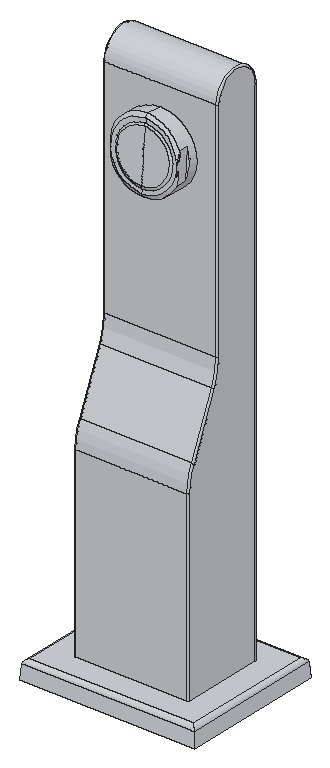
Revit family "Faucet-Wall_Mount-Bath_Spout-KOHLER-Singulier-K-8161IN_1", category Plumbing Fixtures, host Face, Revit 2017
Family settings
  Host = Face
  Round Connector Dimension = Use Diameter
  Part Type = Normal
  OmniClass Number = 23.31.11.00
  Cut with Voids When Loaded = No
  Shared = No
  Room Calculation Point = No
Parameters (values of type "CP-Polished Chrome")
  Width = 2.28346"  # constant formula
  WaterSense Certified = 1 = 0  # no
  Waste Water Outlet = "Waste Water Outlet"  # constant formula
  Waste Connection = 1 = 0  # no
  Vent Connection = 1 = 0  # no
  URL = "https://www.kohler.co.in/"
  Type = 1
  Tempered Water Inlet = "Tempered Water Inlet"  # constant formula
  Spout Reach = 6.25984"  # constant formula
  Product Page URL = "https://www.kohler.co.in/product-detail/8161in?skuid=K-8161IN-CP"
  Product Name = "Singulier"  # constant formula
  Product Documentation Link = "http://resources.kohler.com/plumbing/kohlerindia/pdf/8161in_cp.pdf"
  Pressure = 7.25 psi  # constant formula
  Model = "K-8161IN-CP"  # constant formula
  Material = "Premium Metal Construction"  # constant formula
  Master Format 2014 Name = "Residential Faucets, Supplies, and Trim"  # constant formula
  Master Format 2014 = "22 41 39"  # constant formula
  Manufacturer Address = "Ambience Office Tower NH-8 Gurgaon / Gurugram Haryana , 122001\r\n"  # constant formula
  Manufacturer = "KOHLER Co."  # constant formula
  Length = Spout Reach  # 6.25984"
  Hot Water Inlet = "Hot Water Inlet"  # constant formula
  Height = 1.88976"  # constant formula
  HW Connection = 1 = 1  # yes
  Flow Rate = 0 GPM
  Finish = Kohler-Metal-CP-Polished_Chrome
  Environmental Product Declaration = ""
  Drain Included = 1 = 0  # no
  Description = "Bath spout with diverter in polished chrome"  # constant formula
  Default Elevation = 36"
  Declare Label = ""
  Date Modified = "09/11/2020"  # constant formula
  Date Created = "09/11/2020"  # constant formula
  Copyright = "Copyright KOHLER Co."  # constant formula
  Contact Us = "https://www.kohler.co.in/contact-us"
  Cold Water Inlet = "Cold Water Inlet"  # constant formula
  CW Connection = 1 = 0  # no
  Assembly Code = "D2010"
  ADA Compliant = 1 = 0  # no
Reference planes (in)
  plane 1 "Center (Front/Back)": y = 0
  plane 2: z = 0
  plane 3 "Center (Left/Right)": x = 0
  plane 4: y = -0.94586
  plane 5: y = 0.9439
  plane 6: z = 6.25984
  plane 7: z = 7.32388
  plane 8: x = -1.14173
  plane 9: x = 1.14173
  plane 10: y = 0.55118
  plane 11: y = -0.55118
  plane 12: z = 0.23622
  plane 13: x = 0.74802
  plane 14: x = -0.74802
Dimensions and locks (in)
  "Spout Reach": plane 6 to level
  locked: plane 7 to level at 7.32388
  "Width": plane 8 to plane 9
  "Height": plane 4 to plane 5
  aligned and locked: plane 2 to host face
  aligned and locked: level to host face
Automatic sketch dimensions
  host sketch curve to host sketch curve = 96"  (x2)
Nested families (in)
  nested 1: "K-8161IN" at (0, 0, 0), type "K-8161IN"
Connectors (in)
  piping at (0, 0, 0), diameter 0.5, driven by "HW Connection", driven by "Tempered Water Inlet", driven by "Pressure", driven by "Flow Rate"
    settings: on nested 1, index 1, connector inside diameter 24", connector length 0", flow factor 0, pipe flow 0 GPM, pressure drop 7.25 psi, fitting loss kfactor 0, connector angle 0.00°, fixture units 0, engagement length 0", angle of deflection 0.00°, flow configuration 0, flow direction 1, fitting loss method 4, system type 19, joint type 0, gender type 0, connector reference index -1, connector utility 1, adjustable connector no, is connector primary yes, connector description "Tempered Water Inlet"
Definition of nested family "K-8161IN"
  Parameters (values of type "K-8161IN")
    Material = none
  Reference planes (in)
    plane 1 "Center (Front/Back)": y = 0
    plane 2: z = 0
    plane 3 "Center (Left/Right)": x = 0
    plane 4: y = -0.94586
    plane 5: y = 0.94586
    plane 6: z = 6.25982
    plane 7: z = 7.32388
    plane 8: z = 1.81102
    plane 9 "1": through (0, -0.19932, 6.28622) normal (0, 0.0663, 0.9978)
    plane 10: x = -1.14271
    plane 11: x = 1.14271
    plane 12: y = 1.45893
    plane 13: z = 0.23622
  Forms (in)
    Sweep 1, solid, material <- "Material", detail levels medium+fine
      path origin (0, 0, 0) x (1, 0, 0) y (0, 1, 0)
        loop
          line (-1.14271, -0.94586) -> (1.14271, -0.94586) -> (1.14271, 0.94586) -> (-1.14271, 0.94586) -> (-1.14271, -0.94586)
      profile origin (-1.14271, 0, 0) x (-1, 0, 0) y (0, 0, 1)
        loop
          line (0, 0) -> (-0.01603, 0.18328)
          arc (-0.01603, 0.18328) -> (-0.03463, 0.22098) -> (-0.07381, 0.23622) r 0.058
          line (-0.07381, 0.23622) -> (-0.42561, 0.23622) -> (-0.42561, 0.15676) -> (-0.4119, 0) -> (0, 0)
    Extrusion 2, solid, material <- "Material", detail levels medium+fine
      sketch origin (0, 0, 0) x (0, 1, 0) y (0, 0, 1)
        loop
          line (0.51306, 0.23622) -> (0.51306, 7.0085)
          arc (0.51306, 7.0085) -> (0.23622, 7.28534) -> (-0.04062, 7.0085) r 0.27684
          line (-0.04062, 7.0085) -> (-0.04062, 4.05352)
          arc (-0.04062, 4.05352) -> (-0.0586, 3.88837) -> (-0.10997, 3.7304) r 0.80806
          arc (-0.10997, 3.7304) -> (-0.27582, 3.35912) -> (-0.44371, 2.98876) r 74.15429
          arc (-0.44371, 2.98876) -> (-0.49553, 2.83088) -> (-0.51306, 2.66564) r 0.7874
          line (-0.51306, 2.66564) -> (-0.51306, 0.23622) -> (0.51306, 0.23622)
      from -0.74741 to 0.74866
    Extrusion 3, void
      sketch origin (0, 0, 0) x (1, 0, 0) y (0, 1, 0)
        loop
          arc (-1.02511, 0.91425) -> (-1.08591, 0.88906) -> (-1.1111, 0.82826) r 0.08598
          line (-1.1111, 0.82826) -> (-1.1111, -0.83036)
          arc (-1.1111, -0.83036) -> (-1.08653, -0.88968) -> (-1.02721, -0.91425) r 0.08389
          line (-1.02721, -0.91425) -> (1.02766, -0.91425)
          arc (1.02766, -0.91425) -> (1.08666, -0.88981) -> (1.1111, -0.8308) r 0.08344
          line (1.1111, -0.8308) -> (1.1111, 0.83037)
          arc (1.1111, 0.83037) -> (1.08653, 0.88968) -> (1.02722, 0.91425) r 0.08387
          line (1.02722, 0.91425) -> (-1.02511, 0.91425)
      from -0.08977 to 0.18231
    Extrusion 4, solid, material <- "Material", detail levels medium+fine
      sketch origin (0, 0, 0) x (1, 0, 0) y (0, 1, 0)
        loop
          line (-1.0091, 0.81225) -> (-1.0091, -0.81225) -> (1.0091, -0.81225) -> (1.0091, 0.81225) -> (-1.0091, 0.81225)
      from 0.18231 to 0.23622
    Revolve 5, solid, material <- "Material", detail levels medium+fine
      sketch origin (0, 0, 0) x (0, 1, 0) y (0, 0, 1)
        loop
          line (-0.36036, 6.27721) -> (-0.38428, 5.93523)
          arc (-0.38428, 5.93523) -> (-0.38272, 5.91936) -> (-0.37602, 5.9049) r 0.04771
          line (-0.37602, 5.9049) -> (-0.37997, 5.84835) -> (-0.35612, 5.79945) -> (-0.06436, 5.77905) -> (-0.06436, 6.2446) -> (-0.36036, 6.27721)
        axis (-0.03114, 6.25419) -> (-0.36036, 6.27721)
      angle from 0 to 360
    Extrusion 6, void
      sketch origin (0, 0.41482, 6.24543) x (0, 0.997801, -0.066274) y (-1, 0, 0)
        loop
          line (-1.84275, 0.43253) -> (-0.63304, 0.43253) -> (-0.63304, 0.62992) -> (-1.84275, 0.62992) -> (-1.84275, 0.43253)
        loop
          line (-1.86302, -0.43253) -> (-1.86302, -0.62992) -> (-0.61693, -0.62992) -> (-0.61693, -0.43253) -> (-1.86302, -0.43253)
      from -0.61674 to 3.1777
    Revolve 7, solid, material <- "Material", detail levels coarse
      sketch origin (0, 0, 0) x (0, 1, 0) y (0, 0, 1)
        loop
          line (-0.35902, 6.29683) -> (-0.39363, 5.80191) -> (-0.0206, 5.77583) -> (-0.0206, 6.27316) -> (-0.35902, 6.29683)
        axis (0.01401, 6.27074) -> (-0.35902, 6.29683)
      angle from 0 to 360
    Sweep 8, solid, material <- "Material", detail levels medium+fine
      path origin (0, 0, 0) x (0, 1, 0) y (0, 0, 1)
        loop
          line (0.55118, 0.23622) -> (0.55118, 7.0085)
          arc (0.55118, 7.0085) -> (0.23622, 7.32346) -> (-0.07874, 7.0085) r 0.31496
          line (-0.07874, 7.0085) -> (-0.07874, 4.05804)
          arc (-0.07874, 4.05804) -> (-0.09628, 3.89051) -> (-0.14815, 3.73026) r 0.80859
          arc (-0.14815, 3.73026) -> (-0.31303, 3.36116) -> (-0.47992, 2.99295) r 74.15429
          arc (-0.47992, 2.99295) -> (-0.53316, 2.83293) -> (-0.55118, 2.66525) r 0.78906
          line (-0.55118, 2.66525) -> (-0.55118, 0.23622)
      profile origin (0, 0.55118, 3.62236) x (0, -1, 0) y (1, 0, 0)
        loop
          arc (0.02091, 0.74866) -> (0.00638, 0.74264) -> (0.00035, 0.7281) r 0.02056
          line (0.00035, 0.7281) -> (0.00035, -0.72772)
          arc (0.00035, -0.72772) -> (0.00612, -0.74164) -> (0.02004, -0.74741) r 0.01969
          line (0.02004, -0.74741) -> (0.07357, -0.74741) -> (0.07357, 0.74866) -> (0.02091, 0.74866)
    Extrusion 9, solid, material <- "Material"
      sketch origin (0, 0, 0) x (1, 0, 0) y (0, 1, 0)
        loop
          circle (0, 0) r 0.15748
      from 0 to 0.23622
    Extrusion 10, solid, material <- "Material", detail levels coarse
      sketch origin (0, 0, 0) x (0, 1, 0) y (0, 0, 1)
        loop
          line (0.55118, 0.23531) -> (0.55118, 7.32388) -> (-0.07874, 7.32388) -> (-0.07874, 3.88729)
          arc (-0.07874, 3.88729) -> (-0.31292, 3.36139) -> (-0.55118, 2.83733) r 74.15429
          line (-0.55118, 2.83733) -> (-0.55118, 0.23531) -> (0.55118, 0.23531)
      from -0.74741 to 0.74866
    Extrusion 11, solid, material <- "Material", detail levels coarse
      sketch origin (0, 0, 0) x (1, 0, 0) y (0, 1, 0)
        loop
          line (-1.14271, 0.94586) -> (-1.14271, -0.94586) -> (1.14271, -0.94586) -> (1.14271, 0.94586) -> (-1.14271, 0.94586)
      from 0 to 0.23622
  Cuts and joins
    Extrusion 6 cuts Revolve 7
    joined: Revolve 7, Extrusion 10, Extrusion 11
    Extrusion 3 cuts Sweep 1
    Extrusion 3 cuts Extrusion 4
    Extrusion 6 cuts Revolve 5
    joined: Sweep 1, Extrusion 2, Extrusion 4, Revolve 5, Sweep 8
  Lines and regions (in)
    Masking region 1
      outline origin (0, 0, 0) x (1, 0, 0) y (0, 0, 1)
        loop
          line (1.14271, 0) -> (1.12676, 0.18231)
          arc (1.12676, 0.18231) -> (1.10783, 0.22071) -> (1.06793, 0.23622) r 0.05906
          line (1.06793, 0.23622) -> (0.74863, 0.23622) -> (0.74863, 7.30168)
          arc (0.74863, 7.30168) -> (0.74165, 7.31708) -> (0.72625, 7.32346) r 0.02179
          line (0.72625, 7.32346) -> (-0.72625, 7.32346)
          arc (-0.72625, 7.32346) -> (-0.74165, 7.31708) -> (-0.74803, 7.30168) r 0.02179
          line (-0.74803, 7.30168) -> (-0.74803, 0.23622) -> (-1.06793, 0.23622)
          arc (-1.06793, 0.23622) -> (-1.10783, 0.22071) -> (-1.12676, 0.18231) r 0.05906
          line (-1.12676, 0.18231) -> (-1.14271, 0) -> (1.14271, 0)
    Masking region 2
      outline origin (0, 0, 0) x (0, 1, 0) y (0, 0, 1)
        loop
          line (0.87118, 0.23531) -> (0.55118, 0.23531) -> (0.55118, 1.73331) -> (0.55118, 7.0085)
          arc (0.55118, 7.0085) -> (0.23622, 7.32346) -> (-0.07874, 7.0085) r 0.31496
          line (-0.07874, 7.0085) -> (-0.07874, 6.73515) -> (-0.28966, 6.7499) -> (-0.3201, 6.70463) -> (-0.32405, 6.64808)
          arc (-0.32405, 6.64808) -> (-0.33287, 6.63352) -> (-0.33664, 6.61693) r 0.0532
          line (-0.33664, 6.61693) -> (-0.38417, 5.93717)
          arc (-0.38417, 5.93717) -> (-0.38268, 5.92038) -> (-0.37602, 5.9049) r 0.05336
          line (-0.37602, 5.9049) -> (-0.37997, 5.84835) -> (-0.35613, 5.79929) -> (-0.07874, 5.77989) -> (-0.07874, 4.05352)
          arc (-0.07874, 4.05352) -> (-0.09672, 3.88837) -> (-0.14809, 3.7304) r 0.80806
          arc (-0.14809, 3.7304) -> (-0.31394, 3.35912) -> (-0.48183, 2.98876) r 74.15429
          arc (-0.48183, 2.98876) -> (-0.53365, 2.83088) -> (-0.55118, 2.66564) r 0.7874
          line (-0.55118, 2.66564) -> (-0.55118, 0.23531) -> (-0.87118, 0.23531)
          spline (-0.87118, 0.23531) -> (-0.87719, 0.23594) -> (-0.88322, 0.23562) -> (-0.88921, 0.23435) -> (-0.89506, 0.23215) -> (-0.90073, 0.22904) -> (-0.90612, 0.22506) -> (-0.91119, 0.22026) -> (-0.91586, 0.2147) -> (-0.92008, 0.20845) -> (-0.9238, 0.20158) -> (-0.92698, 0.19417) -> (-0.92956, 0.18633)
          line (-0.92956, 0.18633) -> (-0.94586, 0) -> (0.94586, 0) -> (0.92956, 0.18633)
          spline (0.92956, 0.18633) -> (0.92698, 0.19417) -> (0.9238, 0.20158) -> (0.92008, 0.20845) -> (0.91586, 0.2147) -> (0.91119, 0.22026) -> (0.90612, 0.22506) -> (0.90073, 0.22904) -> (0.89506, 0.23215) -> (0.88921, 0.23435) -> (0.88322, 0.23562) -> (0.87719, 0.23594) -> (0.87118, 0.23531)
    Masking region 3
      outline origin (0, 0, 0) x (1, 0, 0) y (0, 1, 0)
        loop
          line (0.00426, 0.94586) -> (-1.14271, 0.94586) -> (-1.14271, -0.94586) -> (0.47223, -0.94586) -> (1.14271, -0.94586) -> (1.14271, 0.94586) -> (0.00426, 0.94586)
    symbolic lines, detail levels medium+fine
      curve 1: line (0.74802, 0, 0.23622) -> (-0.74803, 0, 0.23622)
      curve 2: line (0, 0.55118, 0.23622) -> (0, -0.55118, 0.23622)
      curve 3: line (0, -0.07874, 6.73515) -> (0, -0.07874, 5.77989)
      curve 4: line (0, -0.32405, 6.64808) -> (0, -0.37602, 5.9049)
      curve 5: line (0, -0.28967, 6.74974) -> (0, -0.30898, 6.47358)
      curve 6: line (0, -0.33681, 6.07561) -> (0, -0.35612, 5.79945)
      curve 7: arc (0, -0.30898, 6.47358) -> (0, -0.34811, 6.27636) -> (0, -0.33681, 6.07561) r 0.79971
      curve 8: line (0, -0.20495, 6.4663) -> (0, -0.30898, 6.47358)
      curve 9: line (0, -0.23139, 6.06824) -> (0, -0.20495, 6.4663)
      curve 10: line (0, -0.33681, 6.07561) -> (0, -0.23139, 6.06824)
      curve 11: line (0.70969, 0.55118, 0) -> (-0.70969, 0.55118, 0)
      curve 12: line (-0.70969, -0.07874, 0) -> (0.70969, -0.07874, 0)
      curve 13: line (-0.74803, 0.51306, 0) -> (-0.74803, -0.51306, 0)
      curve 14: line (0.74803, -0.51233, 0) -> (0.74803, 0.51306, 0)
      curve 15: line (-0.43253, -0.34822, 0) -> (-0.43253, -0.20495, 0)
      curve 16: spline (-0.43253, -0.23139, 0) -> (-0.44576, -0.22929, 0) -> (-0.45668, -0.22713, 0) -> (-0.46523, -0.22493, 0) -> (-0.47137, -0.2227, 0) -> (-0.47507, -0.22044, 0) -> (-0.4763, -0.21817, 0) -> (-0.47507, -0.21589, 0) -> (-0.47137, -0.21364, 0) -> (-0.46523, -0.2114, 0) -> (-0.45668, -0.2092, 0) -> (-0.44576, -0.20704, 0) -> (-0.43253, -0.20495, 0)
      curve 17: spline (0.43253, -0.18887, 0) -> (0.44576, -0.19097, 0) -> (0.45668, -0.19312, 0) -> (0.46523, -0.19532, 0) -> (0.47137, -0.19756, 0) -> (0.47507, -0.19982, 0) -> (0.4763, -0.20209, 0) -> (0.47507, -0.20436, 0) -> (0.47137, -0.20662, 0) -> (0.46523, -0.20886, 0) -> (0.45668, -0.21106, 0) -> (0.44576, -0.21321, 0) -> (0.43253, -0.21531, 0)
      curve 18: line (0.43253, -0.18887, 0) -> (0.43253, -0.348, 0)
      curve 19: spline (0, -0.3201, 0) -> (-0.11108, -0.32112, 0) -> (-0.21459, -0.32411, 0) -> (-0.30348, -0.32887, 0) -> (-0.37168, -0.33507, 0) -> (-0.41456, -0.34229, 0) -> (-0.42918, -0.35004, 0) -> (-0.41456, -0.35778, 0) -> (-0.37168, -0.365, 0) -> (-0.30348, -0.37121, 0) -> (-0.21459, -0.37596, 0) -> (-0.11108, -0.37895, 0) -> (0, -0.37997, 0)
      curve 20: spline (0, -0.37997, 0) -> (0.11108, -0.37895, 0) -> (0.21459, -0.37596, 0) -> (0.30348, -0.37121, 0) -> (0.37168, -0.365, 0) -> (0.41456, -0.35778, 0) -> (0.42918, -0.35004, 0) -> (0.41456, -0.34229, 0) -> (0.37168, -0.33507, 0) -> (0.30348, -0.32887, 0) -> (0.21459, -0.32411, 0) -> (0.11108, -0.32112, 0) -> (0, -0.3201, 0)
      curve 21: line (-0.4763, -0.21817, 0) -> (-0.4763, -0.07874, 0)
      curve 22: line (0.4763, -0.20209, 0) -> (0.4763, -0.07874, 0)
      curve 23: spline (0.3725, -0.35004, 0) -> (0.36931, -0.34664, 0) -> (0.35981, -0.34331, 0) -> (0.34414, -0.34009, 0) -> (0.32259, -0.33704, 0) -> (0.29552, -0.33422, 0) -> (0.2634, -0.33166, 0) -> (0.22676, -0.32942, 0) -> (0.18625, -0.32753, 0) -> (0.14255, -0.32603, 0) -> (0.09641, -0.32494, 0) -> (0.04862, -0.32427, 0) -> (0, -0.32405, 0)
      curve 24: spline (0, -0.32405, 0) -> (-0.04862, -0.32427, 0) -> (-0.09641, -0.32494, 0) -> (-0.14255, -0.32603, 0) -> (-0.18625, -0.32753, 0) -> (-0.22676, -0.32942, 0) -> (-0.2634, -0.33166, 0) -> (-0.29552, -0.33422, 0) -> (-0.32259, -0.33704, 0) -> (-0.34414, -0.34009, 0) -> (-0.35981, -0.34331, 0) -> (-0.36931, -0.34664, 0) -> (-0.3725, -0.35004, 0)
      curve 25: arc (-0.3725, -0.35004, 0) -> (-0.35791, -0.36048, 0) -> (-0.34069, -0.36555, 0) r 0.05387
      curve 26: arc (-0.34069, -0.36555, 0) -> (-0.29474, -0.37396, 0) -> (-0.24811, -0.37663, 0) r 0.37785
      curve 27: arc (-0.24811, -0.37663, 0) -> (-0.12415, -0.38365, 0) -> (0, -0.38441, 0) r 2.46601
      curve 28: arc (0.3725, -0.35004, 0) -> (0.35791, -0.36048, 0) -> (0.34069, -0.36555, 0) r 0.05387
      curve 29: arc (0.34069, -0.36555, 0) -> (0.29474, -0.37396, 0) -> (0.24811, -0.37663, 0) r 0.37785
      curve 30: arc (0.24811, -0.37663, 0) -> (0.12415, -0.38365, 0) -> (0, -0.38441, 0) r 2.46601
      curve 31: line (-0.70969, -0.48183, 0) -> (0.70969, -0.48183, 0)
      curve 32: line (-0.70969, -0.55118, 0) -> (0.70969, -0.55118, 0)
      curve 33: spline (-0.74803, -0.44645, 0) -> (-0.7477, -0.45103, 0) -> (-0.74672, -0.45553, 0) -> (-0.74512, -0.45988, 0) -> (-0.74291, -0.464, 0) -> (-0.74013, -0.46783, 0) -> (-0.73683, -0.4713, 0) -> (-0.73306, -0.47435, 0) -> (-0.7289, -0.47693, 0) -> (-0.7244, -0.479, 0) -> (-0.71964, -0.48052, 0) -> (-0.71471, -0.48147, 0) -> (-0.70969, -0.48183, 0)
      curve 34: line (-0.74803, 0.51306, 0) -> (-0.74803, -0.51233, 0)
      curve 35: arc (-0.74803, -0.51233, 0) -> (-0.73683, -0.53962, 0) -> (-0.70969, -0.55118, 0) r 0.03885
      curve 36: arc (0.74803, -0.51233, 0) -> (0.73683, -0.53962, 0) -> (0.70969, -0.55118, 0) r 0.03885
      curve 37: spline (0.74803, -0.44645, 0) -> (0.7477, -0.45103, 0) -> (0.74672, -0.45553, 0) -> (0.74512, -0.45988, 0) -> (0.74291, -0.464, 0) -> (0.74013, -0.46783, 0) -> (0.73683, -0.4713, 0) -> (0.73306, -0.47435, 0) -> (0.7289, -0.47693, 0) -> (0.7244, -0.479, 0) -> (0.71964, -0.48052, 0) -> (0.71471, -0.48147, 0) -> (0.70969, -0.48183, 0)
      curve 38: arc (-0.74802, -0.04062, 0) -> (-0.73657, -0.06744, 0) -> (-0.70969, -0.07874, 0) r 0.03885
      curve 39: arc (0.74802, -0.04062, 0) -> (0.73657, -0.06744, 0) -> (0.70969, -0.07874, 0) r 0.03885
      curve 40: arc (0.70969, 0.55118, 0) -> (0.73657, 0.53988, 0) -> (0.74802, 0.51306, 0) r 0.03885
      curve 41: arc (-0.74802, 0.51306, 0) -> (-0.73657, 0.53988, 0) -> (-0.70969, 0.55118, 0) r 0.03885
  Dimensions and locks (in)
    locked: plane 5 to plane 4 at 1.89173
    locked: plane 6 to level at 6.25982
    locked: plane 7 to level at 7.32388
    locked: plane 10 to plane 11 at 2.28543
    aligned and locked: plane 2 to level
